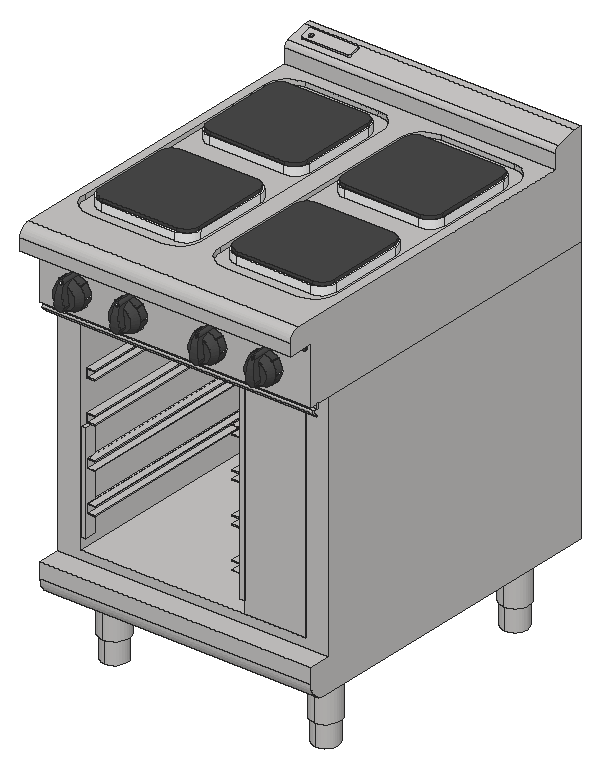
Revit family "QF_Moffat_RNL8400SE-CB_Electric_Cooktops_Sealed_Hobs_cat", category Specialty Equipment, Revit 2019
Family settings
  Round Connector Dimension = Use Diameter
  Part Type = Normal
  Work Plane-Based = No
  Always vertical = Yes
  Cut with Voids When Loaded = No
  Shared = No
  Room Calculation Point = No
Parameters (values of type "RNL8400SE-CB")
  Weight in Kilograms = 79
  Watts = 8800 W
  Volts = 400 V
  URL Cutsheet = ""
  Specification by User = ""
  Specification by Manufacturer = ""
  Serial Number = ""
  Seismic Rating = ""
  SMACNA No = ""
  Revision Code = ""
  Phase = 2
  Number of Poles = 1
  NAFEM Spec ID Number = ""
  Model = "RNL8400SE-CB"
  Min Ckt Ampacity = 0 A
  Max Overcurrent Protection = 0 A
  Masterspec = ""
  Manufacturer = "Moffat"
  Length = 600 mm
  Item Number = ""
  Installed By = ""
  Identify Quantity as Lot = yes
  Height = 970 mm
  HP = ""
  Furnished By = ""
  Foodservice Equipment Identifier = yes
  FL Amps = 22 A
  Electrical Remarks = ""
  Electric Connection Type = ""
  Elec Conn RI Height = 0 mm
  Elec Conn Connection Height = 0 mm
  Description = "Electric Cooktops Sealed Hobs"
  Depth = 805 mm
  Cycle = 50 Hz
  Conn Plug = ""
  Conn Conduit = yes
  CSI MasterFormat = ""
  Apparent Power = if(Phase = 3, Volts * FL Amps * 1.73, Volts * FL Amps)  # 8800 VA
Reference planes
  plane 1 "BACK": y = 0
  plane 2: z = 0
  plane 3 "LEFT": x = 0
  plane 4 "RIGHT": x = 600
  plane 5 "FRONT": y = -805
  plane 6 "TOP": z = 915
  plane 7 "Center Y": x = 300
  plane 8 "Center X": y = -402.5
  plane 9: x = 65.5
  plane 10: x = 87.5
  plane 11: x = 211.766
  plane 12: y = -30
  plane 13: x = 470
  plane 14: x = 512.5
  plane 15: x = 388.234
  plane 16: x = 534.5
  plane 17: y = -100
  plane 18: y = -625
  plane 19: z = 970
Forms (mm)
  Extrusion 1, solid, material "QF_Metal_Stainless_Polished"
    sketch origin (0, 0, 815) x (0, 1, 0) y (0, 0, 1)
      loop
        line (0, -75) -> (0, 155) -> (-15, 155) -> (-61.106, 142.646)
        arc (-61.106, 142.646) -> (-67.52, 138.36) -> (-70, 131.055) r 12
        line (-70, 131.055) -> (-70, 100) -> (-781, 100)
        arc (-781, 100) -> (-797.971, 92.971) -> (-805, 76) r 24
        line (-805, 76) -> (-805, 51) -> (-749, 51) -> (-749, -75) -> (0, -75)
    from 0 to 600
  Extrusion 2, void
    sketch origin (0, -781, 915) x (0, 1, 0) y (-1, 0, 0)
      loop
        arc (680.8, -69) -> (666.155, -33.645) -> (630.8, -19) r 50
        line (630.8, -19) -> (130.599, -19)
        arc (130.599, -19) -> (95.244, -33.645) -> (80.599, -69) r 50
        line (80.599, -69) -> (80.599, -231)
        arc (80.599, -231) -> (95.244, -266.355) -> (130.599, -281) r 50
        line (130.599, -281) -> (630.8, -281)
        arc (630.8, -281) -> (666.155, -266.355) -> (680.8, -231) r 50
        line (680.8, -231) -> (680.8, -69)
      loop
        line (680.8, -531) -> (680.8, -369)
        arc (680.8, -369) -> (666.155, -333.645) -> (630.8, -319) r 50
        line (630.8, -319) -> (130.599, -319)
        arc (130.599, -319) -> (95.244, -333.645) -> (80.599, -369) r 50
        line (80.599, -369) -> (80.599, -531)
        arc (80.599, -531) -> (95.244, -566.355) -> (130.599, -581) r 50
        line (130.599, -581) -> (630.8, -581)
        arc (630.8, -581) -> (666.155, -566.355) -> (680.8, -531) r 50
    from 0 to -9.5
  Extrusion 3, solid, material "QF_Plastic_White_Smooth"
    sketch origin (0, -781, 905.5) x (0, 1, 0) y (-1, 0, 0)
      loop
        arc (644.8, -68) -> (635.427, -45.373) -> (612.8, -36) r 32
        line (612.8, -36) -> (448.599, -36)
        arc (448.599, -36) -> (425.972, -45.373) -> (416.599, -68) r 32
        line (416.599, -68) -> (416.599, -232)
        arc (416.599, -232) -> (425.972, -254.627) -> (448.599, -264) r 32
        line (448.599, -264) -> (612.8, -264)
        arc (612.8, -264) -> (635.427, -254.627) -> (644.8, -232) r 32
        line (644.8, -232) -> (644.8, -68)
      loop
        arc (344.599, -68) -> (335.227, -45.373) -> (312.599, -36) r 32
        line (312.599, -36) -> (148.599, -36)
        arc (148.599, -36) -> (125.972, -45.373) -> (116.599, -68) r 32
        line (116.599, -68) -> (116.599, -232)
        arc (116.599, -232) -> (125.972, -254.627) -> (148.599, -264) r 32
        line (148.599, -264) -> (312.599, -264)
        arc (312.599, -264) -> (335.227, -254.627) -> (344.599, -232) r 32
        line (344.599, -232) -> (344.599, -68)
      loop
        arc (644.8, -368) -> (635.427, -345.373) -> (612.8, -336) r 32
        line (612.8, -336) -> (448.599, -336)
        arc (448.599, -336) -> (425.972, -345.373) -> (416.599, -368) r 32
        line (416.599, -368) -> (416.599, -532)
        arc (416.599, -532) -> (425.972, -554.627) -> (448.599, -564) r 32
        line (448.599, -564) -> (612.8, -564)
        arc (612.8, -564) -> (635.427, -554.627) -> (644.8, -532) r 32
        line (644.8, -532) -> (644.8, -368)
      loop
        arc (344.599, -368) -> (335.227, -345.373) -> (312.599, -336) r 32
        line (312.599, -336) -> (148.599, -336)
        arc (148.599, -336) -> (125.972, -345.373) -> (116.599, -368) r 32
        line (116.599, -368) -> (116.599, -532)
        arc (116.599, -532) -> (125.972, -554.627) -> (148.599, -564) r 32
        line (148.599, -564) -> (312.599, -564)
        arc (312.599, -564) -> (335.227, -554.627) -> (344.599, -532) r 32
        line (344.599, -532) -> (344.599, -368)
    from 0 to 17.8
  Extrusion 4, solid, material "QF_Plastic_Black_Smooth"
    sketch origin (0, -781, 923.3) x (0, 1, 0) y (-1, 0, 0)
      loop
        arc (640.8, -67) -> (632.892, -47.908) -> (613.8, -40) r 27
        line (613.8, -40) -> (447.599, -40)
        arc (447.599, -40) -> (428.508, -47.908) -> (420.599, -67) r 27
        line (420.599, -67) -> (420.599, -233)
        arc (420.599, -233) -> (428.508, -252.092) -> (447.599, -260) r 27
        line (447.599, -260) -> (613.8, -260)
        arc (613.8, -260) -> (632.892, -252.092) -> (640.8, -233) r 27
        line (640.8, -233) -> (640.8, -67)
      loop
        arc (340.599, -67) -> (332.691, -47.908) -> (313.599, -40) r 27
        line (313.599, -40) -> (147.599, -40)
        arc (147.599, -40) -> (128.508, -47.908) -> (120.599, -67) r 27
        line (120.599, -67) -> (120.599, -233)
        arc (120.599, -233) -> (128.508, -252.092) -> (147.599, -260) r 27
        line (147.599, -260) -> (313.599, -260)
        arc (313.599, -260) -> (332.691, -252.092) -> (340.599, -233) r 27
        line (340.599, -233) -> (340.599, -67)
      loop
        line (640.8, -533) -> (640.8, -367)
        arc (640.8, -367) -> (632.892, -347.908) -> (613.8, -340) r 27
        line (613.8, -340) -> (447.599, -340)
        arc (447.599, -340) -> (428.508, -347.908) -> (420.599, -367) r 27
        line (420.599, -367) -> (420.599, -533)
        arc (420.599, -533) -> (428.508, -552.092) -> (447.599, -560) r 27
        line (447.599, -560) -> (613.8, -560)
        arc (613.8, -560) -> (632.892, -552.092) -> (640.8, -533) r 27
      loop
        line (340.599, -533) -> (340.599, -367)
        arc (340.599, -367) -> (332.691, -347.908) -> (313.599, -340) r 27
        line (313.599, -340) -> (147.599, -340)
        arc (147.599, -340) -> (128.508, -347.908) -> (120.599, -367) r 27
        line (120.599, -367) -> (120.599, -533)
        arc (120.599, -533) -> (128.508, -552.092) -> (147.599, -560) r 27
        line (147.599, -560) -> (313.599, -560)
        arc (313.599, -560) -> (332.691, -552.092) -> (340.599, -533) r 27
    from 0 to 6.1
  Extrusion 5, solid, material "QF_Metal_Stainless_Polished"
    sketch origin (0, 0, 770) x (0, 1, 0) y (0, 0, 1)
      loop
        line (-730.6, -30) -> (-730.6, -40) -> (-740.105, -40)
        arc (-740.105, -40) -> (-743.076, -41.985) -> (-742.379, -45.489) r 3.215
        line (-742.379, -45.489) -> (-731.85, -56.018) -> (-730.719, -54.887) -> (-741.247, -44.358)
        arc (-741.247, -44.358) -> (-741.597, -42.597) -> (-740.105, -41.6) r 1.615
        line (-740.105, -41.6) -> (-729, -41.6) -> (-729, -30) -> (-730.6, -30)
    from 0 to 600
  Extrusion 6, solid, material "QF_Paint_Green"
    sketch origin (0, -749, 785) x (0, 0, 1) y (-1, 0, 0)
      loop
        circle (56.3, -432.5) r 7.15
      loop
        circle (56.3, -557.5) r 7.15
      loop
        circle (56.3, -131.766) r 7.15
      loop
        circle (56.3, -256.766) r 7.15
    from 0 to 1.6
  Extrusion 7, solid, material "QF_Plastic_Black_Smooth"
    sketch origin (0, -749, 785) x (0, 0, 1) y (-1, 0, 0)
      loop
        circle (68.843, -13.157) r 5
      loop
        circle (68.843, -586.843) r 5
    from 0 to 1.6
  Extrusion 8, solid, material "QF_Metal_Stainless_Polished"
    sketch origin (-6096, 287.266, 150) x (0, 1, 0) y (-1, 0, 0)
      loop
        circle (-317.266, -6566) r 6.35
    from 0 to -1.6
  Extrusion 9, solid, material "QF_Metal_Stainless_Polished"
    sketch origin (-6096, 187.719, 150) x (0, 1, 0) y (-1, 0, 0)
      loop
        line (-187.719, -6096) -> (-886.719, -6096) -> (-886.719, -6146) -> (-235.719, -6146) -> (-235.719, -6646) -> (-886.719, -6646) -> (-886.719, -6696) -> (-187.719, -6696) -> (-187.719, -6096)
    from 0 to 590
  Extrusion 10, solid, material "QF_Metal_Stainless_Polished"
    sketch origin (0, 0, 0) x (0, 1, 0) y (0, 0, 1)
      loop
        line (-48, 150) -> (-48, 242.5) -> (-699, 242.5) -> (-699, 222.5) -> (-749, 222.5) -> (-749, 188)
        arc (-749, 188) -> (-737.87, 161.13) -> (-711, 150) r 38
        line (-711, 150) -> (-48, 150)
    from 0 to 600
  Extrusion 11, solid, material "QF_Metal_Stainless_Polished"
    sketch origin (550, -48, 150) x (0, -1, 0) y (0, 0, 1)
      loop
        line (651, 92.5) -> (651, 590) -> (625.6, 590) -> (625.6, 92.5) -> (651, 92.5)
      loop
        line (0, 590) -> (0, 92.5) -> (25.4, 92.5) -> (25.4, 590) -> (0, 590)
    from 0 to 135.5
  Extrusion 12, solid, material "QF_Metal_Stainless_Polished"
    sketch origin (414.5, -48, 150) x (0, -1, 0) y (0, 0, 1)
      loop
        line (651, 562.5) -> (625.6, 562.5) -> (625.6, 117.5) -> (651, 117.5) -> (651, 562.5)
      loop
        line (25.4, 117.5) -> (25.4, 562.5) -> (0, 562.5) -> (0, 117.5) -> (25.4, 117.5)
    from 0 to 11.3
  Extrusion 13, solid, material "QF_Metal_Stainless_Polished"
    sketch origin (50, 0, 150) x (0, -1, 0) y (0, 0, -1)
      loop
        line (699, -337.5) -> (699, -117.5) -> (673.6, -117.5) -> (673.6, -337.5) -> (699, -337.5)
      loop
        line (75.4, -117.5) -> (48, -117.5) -> (48, -337.5) -> (75.4, -337.5) -> (75.4, -117.5)
    from 0 to 11.3
  Extrusion 14, solid, material "QF_Metal_Stainless_Polished"
    sketch origin (50, -48, 267.5) x (0, 0, 1) y (1, 0, 0)
      loop
        line (320, 334.2) -> (321.6, 334.2) -> (321.6, 351.6) -> (338.4, 351.6) -> (338.4, 334.2) -> (340, 334.2) -> (340, 353.2) -> (320, 353.2) -> (320, 334.2)
      loop
        line (230, 334.2) -> (231.6, 334.2) -> (231.6, 351.6) -> (248.4, 351.6) -> (248.4, 334.2) -> (250, 334.2) -> (250, 353.2) -> (230, 353.2) -> (230, 334.2)
      loop
        line (140, 334.2) -> (141.6, 334.2) -> (141.6, 351.6) -> (158.4, 351.6) -> (158.4, 334.2) -> (160, 334.2) -> (160, 353.2) -> (140, 353.2) -> (140, 334.2)
      loop
        line (50, 334.2) -> (51.6, 334.2) -> (51.6, 351.6) -> (68.4, 351.6) -> (68.4, 334.2) -> (70, 334.2) -> (70, 353.2) -> (50, 353.2) -> (50, 334.2)
    from 0 to -649
  Extrusion 15, solid, material "QF_Metal_Stainless_Polished"
    sketch origin (50, -48, 267.5) x (0, 0, 1) y (1, 0, 0)
      loop
        line (320, 30.3) -> (320, 11.3) -> (340, 11.3) -> (340, 30.3) -> (338.4, 30.3) -> (338.4, 12.9) -> (321.6, 12.9) -> (321.6, 30.3) -> (320, 30.3)
      loop
        line (230, 30.3) -> (230, 11.3) -> (250, 11.3) -> (250, 30.3) -> (248.4, 30.3) -> (248.4, 12.9) -> (231.6, 12.9) -> (231.6, 30.3) -> (230, 30.3)
      loop
        line (140, 30.3) -> (140, 11.3) -> (160, 11.3) -> (160, 30.3) -> (158.4, 30.3) -> (158.4, 12.9) -> (141.6, 12.9) -> (141.6, 30.3) -> (140, 30.3)
      loop
        line (50, 30.3) -> (50, 11.3) -> (70, 11.3) -> (70, 30.3) -> (68.4, 30.3) -> (68.4, 12.9) -> (51.6, 12.9) -> (51.6, 30.3) -> (50, 30.3)
    from 0 to -649
  Revolve 16, solid, material "QF_Metal_Stainless_Polished"
    sketch origin (65.5, -4572, -304.8) x (0, 0, -1) y (0, -1, 0)
      loop
        line (-304.8, -3947) -> (-454.8, -3947) -> (-454.8, -3978.75) -> (-354.8, -3978.75) -> (-354.8, -3974.5) -> (-304.8, -3974.5) -> (-304.8, -3947)
      axis (-454.8, -3947) -> (-304.8, -3947)
    angle from 0 to 360
  Revolve 17, solid, material "QF_Metal_Stainless_Polished"
    sketch origin (534.5, -4572, -304.8) x (0, 0, -1) y (0, 1, 0)
      loop
        line (-304.8, 3947) -> (-304.8, 3974.5) -> (-354.8, 3974.5) -> (-354.8, 3978.75) -> (-454.8, 3978.75) -> (-454.8, 3947) -> (-304.8, 3947)
      axis (-454.8, 3947) -> (-304.8, 3947)
    angle from 0 to 360
  Revolve 18, solid, material "QF_Metal_Stainless_Polished"
    sketch origin (65.5, 3847, -304.8) x (0, 0, -1) y (0, -1, 0)
      loop
        line (-304.8, 3947) -> (-304.8, 3974.5) -> (-354.8, 3974.5) -> (-354.8, 3978.75) -> (-454.8, 3978.75) -> (-454.8, 3947) -> (-304.8, 3947)
      axis (-454.8, 3947) -> (-304.8, 3947)
    angle from 0 to 360
  Revolve 19, solid, material "QF_Metal_Stainless_Polished"
    sketch origin (534.5, 3847, -304.8) x (0, 0, -1) y (0, 1, 0)
      loop
        line (-304.8, -3947) -> (-454.8, -3947) -> (-454.8, -3978.75) -> (-354.8, -3978.75) -> (-354.8, -3974.5) -> (-304.8, -3974.5) -> (-304.8, -3947)
      axis (-454.8, -3947) -> (-304.8, -3947)
    angle from 0 to 360
Cuts and joins
  Extrusion 2 cuts Extrusion 1
  joined: Extrusion 9, Extrusion 10
Lines and regions (mm)
  symbolic lines
    curve 1: line (0, 0, 0) -> (600, 0, 0)
    curve 2: line (0, -805, 0) -> (0, 0, 0)
    curve 3: line (600, -805, 0) -> (0, -805, 0)
    curve 4: line (600, 0, 0) -> (600, -805, 0)
    curve 5: arc (69, -700.401, 0) -> (33.645, -685.756, 0) -> (19, -650.401, 0) r 50
    curve 6: line (19, -650.401, 0) -> (19, -150.2, 0)
    curve 7: arc (19, -150.2, 0) -> (33.645, -114.845, 0) -> (69, -100.2, 0) r 50
    curve 8: line (69, -100.2, 0) -> (231, -100.2, 0)
    curve 9: arc (231, -100.2, 0) -> (266.355, -114.845, 0) -> (281, -150.2, 0) r 50
    curve 10: line (281, -150.2, 0) -> (281, -650.401, 0)
    curve 11: arc (281, -650.401, 0) -> (266.355, -685.756, 0) -> (231, -700.401, 0) r 50
    curve 12: line (231, -700.401, 0) -> (69, -700.401, 0)
    curve 13: arc (369, -700.401, 0) -> (333.645, -685.756, 0) -> (319, -650.401, 0) r 50
    curve 14: line (319, -650.401, 0) -> (319, -150.2, 0)
    curve 15: arc (319, -150.2, 0) -> (333.645, -114.845, 0) -> (369, -100.2, 0) r 50
    curve 16: line (369, -100.2, 0) -> (531, -100.2, 0)
    curve 17: arc (531, -100.2, 0) -> (566.355, -114.845, 0) -> (581, -150.2, 0) r 50
    curve 18: line (581, -150.2, 0) -> (581, -650.401, 0)
    curve 19: arc (581, -650.401, 0) -> (566.355, -685.756, 0) -> (531, -700.401, 0) r 50
    curve 20: line (531, -700.401, 0) -> (369, -700.401, 0)
    curve 21: arc (232, -664.401, 0) -> (254.627, -655.028, 0) -> (264, -632.401, 0) r 32
    curve 22: line (264, -632.401, 0) -> (264, -468.401, 0)
    curve 23: arc (264, -468.401, 0) -> (254.627, -445.773, 0) -> (232, -436.401, 0) r 32
    curve 24: line (232, -436.401, 0) -> (68, -436.401, 0)
    curve 25: arc (68, -436.401, 0) -> (45.373, -445.773, 0) -> (36, -468.401, 0) r 32
    curve 26: line (36, -468.401, 0) -> (36, -632.401, 0)
    curve 27: arc (36, -632.401, 0) -> (45.373, -655.028, 0) -> (68, -664.401, 0) r 32
    curve 28: line (68, -664.401, 0) -> (232, -664.401, 0)
    curve 29: arc (233, -660.401, 0) -> (252.092, -652.492, 0) -> (260, -633.401, 0) r 27
    curve 30: line (260, -633.401, 0) -> (260, -467.401, 0)
    curve 31: arc (260, -467.401, 0) -> (252.092, -448.309, 0) -> (233, -440.401, 0) r 27
    curve 32: line (233, -440.401, 0) -> (67, -440.401, 0)
    curve 33: arc (67, -440.401, 0) -> (47.908, -448.309, 0) -> (40, -467.401, 0) r 27
    curve 34: line (40, -467.401, 0) -> (40, -633.401, 0)
    curve 35: arc (40, -633.401, 0) -> (47.908, -652.492, 0) -> (67, -660.401, 0) r 27
    curve 36: line (67, -660.401, 0) -> (233, -660.401, 0)
    curve 37: arc (336, -632.401, 0) -> (345.373, -655.028, 0) -> (368, -664.401, 0) r 32
    curve 38: line (368, -664.401, 0) -> (532, -664.401, 0)
    curve 39: arc (532, -664.401, 0) -> (554.627, -655.028, 0) -> (564, -632.401, 0) r 32
    curve 40: line (564, -632.401, 0) -> (564, -468.401, 0)
    curve 41: arc (564, -468.401, 0) -> (554.627, -445.773, 0) -> (532, -436.401, 0) r 32
    curve 42: line (532, -436.401, 0) -> (368, -436.401, 0)
    curve 43: arc (368, -436.401, 0) -> (345.373, -445.773, 0) -> (336, -468.401, 0) r 32
    curve 44: line (336, -468.401, 0) -> (336, -632.401, 0)
    curve 45: arc (340, -633.401, 0) -> (347.908, -652.492, 0) -> (367, -660.401, 0) r 27
    curve 46: line (367, -660.401, 0) -> (533, -660.401, 0)
    curve 47: arc (533, -660.401, 0) -> (552.092, -652.492, 0) -> (560, -633.401, 0) r 27
    curve 48: line (560, -633.401, 0) -> (560, -467.401, 0)
    curve 49: arc (560, -467.401, 0) -> (552.092, -448.309, 0) -> (533, -440.401, 0) r 27
    curve 50: line (533, -440.401, 0) -> (367, -440.401, 0)
    curve 51: arc (367, -440.401, 0) -> (347.908, -448.309, 0) -> (340, -467.401, 0) r 27
    curve 52: line (340, -467.401, 0) -> (340, -633.401, 0)
    curve 53: arc (340, -333.401, 0) -> (347.908, -352.492, 0) -> (367, -360.401, 0) r 27
    curve 54: line (367, -360.401, 0) -> (533, -360.401, 0)
    curve 55: arc (533, -360.401, 0) -> (552.092, -352.492, 0) -> (560, -333.401, 0) r 27
    curve 56: line (560, -333.401, 0) -> (560, -167.2, 0)
    curve 57: arc (560, -167.2, 0) -> (552.092, -148.108, 0) -> (533, -140.2, 0) r 27
    curve 58: line (533, -140.2, 0) -> (367, -140.2, 0)
    curve 59: arc (367, -140.2, 0) -> (347.908, -148.108, 0) -> (340, -167.2, 0) r 27
    curve 60: line (340, -167.2, 0) -> (340, -333.401, 0)
    curve 61: arc (336, -332.401, 0) -> (345.373, -355.028, 0) -> (368, -364.401, 0) r 32
    curve 62: line (368, -364.401, 0) -> (532, -364.401, 0)
    curve 63: arc (532, -364.401, 0) -> (554.627, -355.028, 0) -> (564, -332.401, 0) r 32
    curve 64: line (564, -332.401, 0) -> (564, -168.2, 0)
    curve 65: arc (564, -168.2, 0) -> (554.627, -145.573, 0) -> (532, -136.2, 0) r 32
    curve 66: line (532, -136.2, 0) -> (368, -136.2, 0)
    curve 67: arc (368, -136.2, 0) -> (345.373, -145.573, 0) -> (336, -168.2, 0) r 32
    curve 68: line (336, -168.2, 0) -> (336, -332.401, 0)
    curve 69: arc (232, -364.401, 0) -> (254.627, -355.028, 0) -> (264, -332.401, 0) r 32
    curve 70: line (264, -332.401, 0) -> (264, -168.2, 0)
    curve 71: arc (264, -168.2, 0) -> (254.627, -145.573, 0) -> (232, -136.2, 0) r 32
    curve 72: line (232, -136.2, 0) -> (68, -136.2, 0)
    curve 73: arc (68, -136.2, 0) -> (45.373, -145.573, 0) -> (36, -168.2, 0) r 32
    curve 74: line (36, -168.2, 0) -> (36, -332.401, 0)
    curve 75: arc (36, -332.401, 0) -> (45.373, -355.028, 0) -> (68, -364.401, 0) r 32
    curve 76: line (68, -364.401, 0) -> (232, -364.401, 0)
    curve 77: arc (233, -360.401, 0) -> (252.092, -352.492, 0) -> (260, -333.401, 0) r 27
    curve 78: line (260, -333.401, 0) -> (260, -167.2, 0)
    curve 79: arc (260, -167.2, 0) -> (252.092, -148.108, 0) -> (233, -140.2, 0) r 27
    curve 80: line (233, -140.2, 0) -> (67, -140.2, 0)
    curve 81: arc (67, -140.2, 0) -> (47.908, -148.108, 0) -> (40, -167.2, 0) r 27
    curve 82: line (40, -167.2, 0) -> (40, -333.401, 0)
    curve 83: arc (40, -333.401, 0) -> (47.908, -352.492, 0) -> (67, -360.401, 0) r 27
    curve 84: line (67, -360.401, 0) -> (233, -360.401, 0)
    curve 85: line (0, -15, 0) -> (600, -15, 0)
    curve 86: line (0, -70, 0) -> (600, -70, 0)
Dimensions and locks
  equal spacing: plane 3 "LEFT", plane 7 "Center Y", plane 4 "RIGHT"
  "Length": plane 3 "LEFT" to plane 4 "RIGHT"
  equal spacing: plane 5 "FRONT", plane 8 "Center X", plane 1 "BACK"
  "Depth": plane 5 "FRONT" to plane 1 "BACK"
  plane 4 "RIGHT" to plane 3 "LEFT" = 600 mm
  plane 1 "BACK" to plane 5 "FRONT" = 805 mm
  plane 6 "TOP" to plane 2 = 915 mm
  cut or joined group of Extrusion 1, Extrusion 2 to plane 2 = 915 mm
  plane 13 to plane 4 "RIGHT" = 130 mm
  plane 9 to plane 16 = 469 mm
  plane 1 "BACK" to plane 17 = 100 mm
  plane 17 to plane 18 = 525 mm
  plane 1 "BACK" to plane 12 = 30 mm
  plane 5 "FRONT" to plane 1 "BACK" = 805 mm
  plane 18 to plane 17 = 525 mm
  level to cut or joined group of Extrusion 9, Extrusion 10 = 150 mm
  "Height": plane 19 to level
  aligned and locked: level to plane 2
Automatic sketch dimensions
  Extrusion 2 sketch curve to Extrusion 1 = 80.599 mm  (x2)
  Extrusion 1 to Extrusion 2 sketch curve = 19 mm
  Extrusion 2 sketch curve to Extrusion 2 sketch curve = 50 mm  (x6)
  Extrusion 2 sketch curve to Extrusion 2 sketch curve = 0 mm
  Extrusion 2 sketch curve to Extrusion 2 sketch curve = 162 mm
  Extrusion 2 sketch curve to Extrusion 2 sketch curve = 38 mm
  Extrusion 1 to Extrusion 2 sketch curve = 69 mm
  Extrusion 3 sketch curve to Extrusion 2 = 36 mm  (x2)
  Extrusion 3 sketch curve to Extrusion 3 sketch curve = 32 mm  (x13)
  Extrusion 3 sketch curve to Extrusion 2 = 17 mm  (x6)
  Extrusion 3 sketch curve to Extrusion 2 = 49 mm  (x3)
  Extrusion 3 sketch curve to Extrusion 3 sketch curve = 164 mm  (x2)
  Extrusion 3 sketch curve to Extrusion 3 sketch curve = 72 mm  (x2)
  Extrusion 3 sketch curve to Extrusion 2 = 68 mm  (x4)
  Extrusion 4 sketch curve to Extrusion 3 = 4 mm  (x15)
  Extrusion 4 sketch curve to Extrusion 4 sketch curve = 27 mm  (x6)
  Extrusion 4 sketch curve to Extrusion 3 = 31 mm  (x11)
  Extrusion 5 sketch curve to Extrusion 5 sketch curve = 0 mm  (x3)
  Extrusion 5 sketch curve to plane 5 "FRONT" = 62.621 mm
  Extrusion 5 sketch curve to Extrusion 5 sketch curve = 1.131 mm  (x3)
  Extrusion 5 sketch curve to Extrusion 5 sketch curve = 1.142 mm  (x2)
  Extrusion 5 sketch curve to Extrusion 5 sketch curve = 10.529 mm
  Extrusion 5 sketch curve to Extrusion 5 sketch curve = 9.505 mm
  Extrusion 5 sketch curve to Extrusion 5 sketch curve = 1.6 mm
  Extrusion 5 sketch curve to Extrusion 5 sketch curve = 10 mm
  Extrusion 1 to Extrusion 6 sketch curve = 24.7 mm  (x4)
  Extrusion 1 to Extrusion 6 sketch curve = 42.5 mm
  Extrusion 6 sketch curve to Extrusion 6 sketch curve = 125 mm  (x2)
  Extrusion 6 sketch curve to Extrusion 6 sketch curve = 175.734 mm
  Extrusion 1 to Extrusion 7 sketch curve = 12.157 mm  (x2)
  Extrusion 1 to Extrusion 7 sketch curve = 13.157 mm  (x2)
  plane 12 to Extrusion 8 sketch curve = 0 mm
  Extrusion 8 sketch curve to plane 13 = 0 mm
  Extrusion 9 sketch curve to plane 3 "LEFT" = 0 mm
  Extrusion 9 sketch curve to plane 4 "RIGHT" = 0 mm
  plane 1 "BACK" to Extrusion 9 sketch curve = 0 mm
  plane 12 to Extrusion 9 sketch curve = 18 mm
  plane 18 to Extrusion 9 sketch curve = 74 mm  (x2)
  plane 16 to Extrusion 9 sketch curve = 15.5 mm
  plane 9 to Extrusion 9 sketch curve = 15.5 mm
  Extrusion 10 sketch curve to plane 5 "FRONT" = 56 mm
  Extrusion 10 sketch curve to Extrusion 10 sketch curve = 38 mm
  Extrusion 10 sketch curve to Extrusion 10 sketch curve = 50 mm
  plane 12 to Extrusion 10 sketch curve = 18 mm
  Extrusion 10 sketch curve to Extrusion 10 sketch curve = 34.5 mm
  Extrusion 11 sketch curve to Extrusion 9 = 0 mm  (x2)
  Extrusion 9 to Extrusion 11 sketch curve = 0 mm  (x2)
  Extrusion 9 to Extrusion 11 sketch curve = 25.4 mm
  Extrusion 11 sketch curve to Extrusion 11 sketch curve = 25.4 mm
  Extrusion 9 to Extrusion 11 sketch curve = 92.5 mm  (x2)
  Extrusion 12 sketch curve to Extrusion 11 = 0 mm  (x4)
  Extrusion 12 sketch curve to Extrusion 11 = 25 mm  (x2)
  Extrusion 12 sketch curve to Extrusion 11 = 27.5 mm  (x2)
  plane 12 to Extrusion 13 sketch curve = 18 mm
  Extrusion 13 sketch curve to plane 17 = 24.6 mm
  plane 18 to Extrusion 13 sketch curve = 48.6 mm
  Extrusion 13 sketch curve to Extrusion 13 sketch curve = 25.4 mm
  Extrusion 14 sketch curve to Extrusion 13 = 50 mm
  Extrusion 14 sketch curve to Extrusion 14 sketch curve = 1.6 mm  (x12)
  Extrusion 14 sketch curve to Extrusion 14 sketch curve = 16.8 mm  (x4)
  Extrusion 14 sketch curve to Extrusion 14 sketch curve = 70 mm  (x3)
  Extrusion 14 sketch curve to Extrusion 13 = 322.9 mm
  Extrusion 14 sketch curve to Extrusion 14 sketch curve = 0 mm  (x7)
  Extrusion 14 sketch curve to Extrusion 14 sketch curve = 17.4 mm  (x4)
  Extrusion 13 to Extrusion 15 sketch curve = 0 mm  (x4)
  Extrusion 15 sketch curve to Extrusion 13 = 19 mm  (x4)
  Extrusion 15 sketch curve to Extrusion 13 = 50 mm
  Extrusion 15 sketch curve to Extrusion 15 sketch curve = 1.6 mm  (x8)
  Extrusion 15 sketch curve to Extrusion 13 = 1.6 mm  (x4)
  Extrusion 15 sketch curve to Extrusion 15 sketch curve = 16.8 mm  (x4)
  Extrusion 15 sketch curve to Extrusion 15 sketch curve = 70 mm  (x3)
  Extrusion 15 sketch curve to Extrusion 15 sketch curve = 17.4 mm  (x3)
  Extrusion 15 sketch curve to Extrusion 15 sketch curve = 0 mm
  Revolve 16 sketch curve to level = 0 mm  (x2)
  Revolve 16 sketch curve to plane 18 = 0 mm  (x2)
  Revolve 16 sketch curve to Revolve 16 sketch curve = 50 mm
  Revolve 16 sketch curve to plane 18 = 27.5 mm
  Revolve 16 sketch curve to plane 18 = 31.75 mm
  Revolve 16 sketch curve to Revolve 16 sketch curve = 35 mm
  Revolve 17 sketch curve to level = 0 mm  (x2)
  Revolve 17 sketch curve to plane 18 = 0 mm  (x2)
  Revolve 17 sketch curve to Revolve 17 sketch curve = 50 mm
  Revolve 17 sketch curve to Revolve 17 sketch curve = 27.5 mm
  Revolve 17 sketch curve to Revolve 17 sketch curve = 31.75 mm
  Revolve 17 sketch curve to Revolve 17 sketch curve = 35 mm
  Revolve 18 sketch curve to level = 0 mm  (x2)
  Revolve 18 sketch curve to Revolve 18 sketch curve = 50 mm
  plane 17 to Revolve 18 sketch curve = 0 mm
  Revolve 18 sketch curve to Revolve 18 sketch curve = 27.5 mm
  Revolve 18 sketch curve to Revolve 18 sketch curve = 31.75 mm
  Revolve 18 sketch curve to level = 35 mm
  Revolve 18 sketch curve to Revolve 18 sketch curve = 0 mm
  Revolve 19 sketch curve to level = 0 mm  (x2)
  Revolve 19 sketch curve to Revolve 19 sketch curve = 50 mm
  plane 17 to Revolve 19 sketch curve = 31.75 mm
  Revolve 19 sketch curve to Revolve 19 sketch curve = 4.25 mm
  Revolve 19 sketch curve to Revolve 19 sketch curve = 27.5 mm
  Revolve 19 sketch curve to level = 35 mm
  Revolve 19 sketch curve to Revolve 19 sketch curve = 0 mm
  Extrusion 5 sketch curve to plane 6 "TOP" = 201.018 mm
  Extrusion 13 sketch curve to plane 6 "TOP" = 427.5 mm  (x2)
  level to Extrusion 10 sketch curve = 150 mm
  Extrusion 10 sketch curve to Extrusion 10 sketch curve = 92.5 mm
  level to Extrusion 13 sketch curve = 267.5 mm  (x2)
  Revolve 16 sketch curve to Revolve 16 sketch curve = 100 mm
  Revolve 17 sketch curve to Revolve 17 sketch curve = 100 mm
  Revolve 18 sketch curve to Revolve 18 sketch curve = 100 mm
  Revolve 19 sketch curve to Revolve 19 sketch curve = 100 mm
  plane 1 "BACK" to curve 1 = 0 mm
  curve 1 to plane 3 "LEFT" = 0 mm
  plane 5 "FRONT" to curve 3 = 0 mm
  plane 3 "LEFT" to curve 6 = 19 mm
  plane 9 to curve 26 = 29.5 mm
  plane 9 to curve 74 = 29.5 mm
  curve 25 to curve 34 = 4 mm
  curve 75 to curve 82 = 4 mm
  curve 83 to plane 9 = 1.5 mm
  curve 32 to plane 9 = 1.5 mm
  curve 36 to plane 9 = 1.5 mm
  curve 81 to plane 9 = 1.5 mm
  curve 72 to plane 9 = 2.5 mm
  curve 28 to plane 9 = 2.5 mm
  curve 76 to plane 9 = 2.5 mm
  curve 33 to curve 25 = 1 mm
  plane 17 to curve 8 = 0.2 mm
  curve 8 to plane 9 = 3.5 mm
  curve 5 to plane 9 = 3.5 mm
  plane 11 to curve 9 = 19.234 mm
  plane 11 to curve 12 = 19.234 mm
  plane 11 to curve 76 = 20.234 mm
  plane 11 to curve 24 = 20.234 mm
  curve 11 to curve 28 = 1 mm
  curve 9 to curve 72 = 1 mm
  curve 21 to curve 29 = 1 mm
  curve 69 to curve 77 = 1 mm
  curve 71 to curve 79 = 1 mm  (x2)
  curve 23 to curve 32 = 1 mm
  curve 31 to curve 30 = 27 mm
  curve 77 to curve 78 = 27 mm
  curve 30 to curve 22 = 4 mm
  curve 77 to curve 70 = 4 mm
  curve 10 to plane 7 "Center Y" = 19 mm
  plane 7 "Center Y" to curve 14 = 19 mm
  plane 7 "Center Y" to curve 68 = 36 mm
  plane 7 "Center Y" to curve 44 = 36 mm
  curve 44 to curve 52 = 4 mm
  curve 67 to curve 60 = 4 mm
  plane 15 to curve 59 = 21.234 mm
  plane 15 to curve 54 = 21.234 mm
  plane 15 to curve 46 = 21.234 mm
  plane 15 to curve 51 = 21.234 mm
  curve 50 to curve 42 = 1 mm
  curve 58 to curve 66 = 1 mm
  curve 53 to curve 61 = 1 mm
  curve 45 to curve 37 = 1 mm
  curve 58 to curve 15 = 2 mm
  curve 45 to curve 13 = 2 mm
  curve 19 to plane 16 = 3.5 mm
  curve 17 to plane 16 = 3.5 mm
  curve 63 to plane 16 = 2.5 mm
  curve 39 to plane 16 = 2.5 mm
  curve 41 to plane 16 = 2.5 mm
  curve 66 to plane 16 = 2.5 mm
  curve 54 to plane 16 = 1.5 mm
  curve 50 to plane 16 = 1.5 mm
  curve 58 to plane 16 = 1.5 mm
  curve 39 to curve 47 = 1 mm
  plane 16 to curve 56 = 25.5 mm
  plane 18 to curve 48 = 8.401 mm
  plane 16 to curve 48 = 25.5 mm
  curve 47 to curve 40 = 4 mm
  curve 56 to curve 64 = 4 mm
  plane 4 "RIGHT" to curve 18 = 19 mm
  plane 18 to curve 12 = 75.401 mm
  curve 20 to curve 46 = 40 mm
  curve 38 to curve 47 = 4 mm
  curve 28 to curve 11 = 14 mm
  curve 27 to curve 36 = 4 mm
  curve 26 to plane 8 "Center X" = 65.901 mm
  curve 41 to plane 8 "Center X" = 65.901 mm
  curve 43 to curve 52 = 1 mm
  curve 25 to curve 33 = 1 mm
  plane 8 "Center X" to curve 76 = 38.099 mm
  plane 8 "Center X" to curve 62 = 38.099 mm
  curve 62 to curve 54 = 4 mm
  curve 76 to curve 84 = 4 mm
  curve 68 to curve 9 = 18 mm
  curve 71 to curve 9 = 18 mm
  curve 64 to curve 56 = 1 mm
  curve 17 to curve 57 = 10 mm
  Extrusion 1 sketch curve to plane 5 "FRONT" = 0 mm
  Extrusion 1 sketch curve to Extrusion 1 sketch curve = 24 mm
  Extrusion 1 sketch curve to Extrusion 1 sketch curve = 32 mm
  Extrusion 1 sketch curve to Extrusion 1 sketch curve = 25 mm
  Extrusion 1 sketch curve to Extrusion 1 sketch curve = 175 mm
  curve 3 to plane 4 "RIGHT" = 0 mm
  Extrusion 1 sketch curve to plane 17 = 30 mm
  plane 6 "TOP" to Extrusion 1 sketch curve = 31.055 mm
  Extrusion 1 sketch curve to Extrusion 1 sketch curve = 12 mm
  Extrusion 1 sketch curve to Extrusion 1 sketch curve = 3.106 mm
  plane 1 "BACK" to Extrusion 1 sketch curve = 15 mm
  Extrusion 1 sketch curve to Extrusion 1 sketch curve = 12.354 mm
  Extrusion 1 sketch curve to plane 1 "BACK" = 0 mm
  Extrusion 1 sketch curve to plane 6 "TOP" = 0 mm
  Extrusion 2 sketch curve to Extrusion 1 = 80.2 mm  (x3)
  curve 85 to curve 1 = 15 mm
  curve 86 to plane 17 = 30 mm
  radius of Extrusion 6 sketch curve = 7.15 mm  (x4)
  radius of Extrusion 7 sketch curve = 5 mm  (x2)
  radius of Extrusion 8 sketch curve = 6.35 mm
Nested families
  nested 1: "Knob" at (55.003, -749, 764.5), type "Knob"
  nested 2: "Knob" at (179.269, -749, 764.5), type "Knob"
  nested 3: "Knob" at (355.738, -749, 764.5), type "Knob"
  nested 4: "Knob" at (480.003, -749, 764.5), type "Knob"
  nested 5: "QF_LOGO_Waldorf" at (17, -21.358, 941.586), type "QF_LOGO_Waldorf"
Connectors
  electrical at (470, -30, 148.4), driven by "Volts", driven by "Watts"
    settings: on Extrusion 8, index 1, voltage 400 V, apparent load 8800 VA, apparent load phase1 0 VA, apparent load phase2 0 VA, apparent load phase3 0 VA, power factor 1, load classification "Other", number of poles 1, system type 30, power factor state 1, is connector primary yes, connector utility no, sub classification motor no, connector description "Electrical Connection"
Definition of nested family "Knob"
  Parameters (values of type "Knob")
    Weight in Pounds = 0
    URL Cutsheet = ""
    Specification by User = ""
    Specification by Manufacturer = ""
    Serial Number = ""
    Seismic Rating = ""
    SMACNA No = ""
    Revision Code = ""
    NAFEM Spec ID Number = ""
    Masterspec = ""
    Length = 65 mm
    Item Number = ""
    Installed By = ""
    Identify Quantity as Lot = yes
    Height = 69.5 mm
    Furnished By = ""
    Foodservice Equipment Identifier = yes
    Depth = 59 mm
    CSI MasterFormat = ""
  Reference planes
    plane 1 "BACK": y = 0
    plane 2: z = 0
    plane 3 "LEFT": x = 0
    plane 4 "RIGHT": x = 65
    plane 5 "FRONT": y = -59
    plane 6 "TOP": z = 69.5
    plane 7 "Center Y": x = 32.5
    plane 8 "Center X": y = -29.5
  Forms (mm)
    Revolve 1, solid
      sketch origin (32.5, 175.397, 1219.2) x (0, 1, 0) y (0, 0, 1)
        loop
          line (-175.397, -1186.7) -> (-219.397, -1186.7) -> (-219.397, -1211.501) -> (-202.106, -1219.2) -> (-185.397, -1219.2) -> (-185.397, -1191.7) -> (-175.397, -1191.7) -> (-175.397, -1186.7)
        axis (-219.397, -1186.7) -> (-175.397, -1186.7)
      angle from 0 to 360
    Extrusion 2, solid
      sketch origin (32.5, 175.397, 1219.2) x (0, 1, 0) y (0, 0, 1)
        loop
          line (-202.106, -1154.2) -> (-185.397, -1154.2) -> (-185.397, -1149.7) -> (-224.105, -1149.7)
          arc (-224.105, -1149.7) -> (-233.965, -1178.467) -> (-230.696, -1208.7) r 70
          line (-230.696, -1208.7) -> (-219.397, -1208.7) -> (-219.397, -1161.899) -> (-202.106, -1154.2)
      from -15 to 15
    Extrusion 3, void
      sketch origin (0, 0, 0) x (1, 0, 0) y (0, 0, 1)
        loop
          line (27.501, 64.613) -> (22.02, 20.585)
          arc (22.02, 20.585) -> (32.792, 10.488) -> (42.986, 21.169) r 10.487
          line (42.986, 21.169) -> (37.499, 64.613)
          arc (37.499, 64.613) -> (32.5, 69.5) -> (27.501, 64.613) r 5
        loop
          line (10, 72.977) -> (10, 5.625) -> (55, 5.625) -> (55, 72.977) -> (10, 72.977)
      from 6.142 to 69.687
    Extrusion 4, solid
      sketch origin (0, -34.115, -16.916) x (1, 0, 0) y (0, 0.45399, 0.891007)
        loop
          circle (32.497, 65) r 2
      from 51.525 to 53.075
    Extrusion 5, solid
      sketch origin (32.5, -10, 32.5) x (0, 0, -1) y (-1, 0, 0)
        loop
          line (-23.54, -22.408) -> (-24.106, -22.974)
          arc (-24.106, -22.974) -> (-23.547, -23.547) -> (-22.974, -24.106) r 33.3
          line (-22.974, -24.106) -> (-22.408, -23.54)
          arc (-22.408, -23.54) -> (-22.981, -22.981) -> (-23.54, -22.408) r 32.5
        loop
          arc (-0.8, -33.29) -> (0, -33.3) -> (0.8, -33.29) r 33.3
          line (0.8, -33.29) -> (0.8, -32.49)
          arc (0.8, -32.49) -> (0, -32.5) -> (-0.8, -32.49) r 32.5
          line (-0.8, -32.49) -> (-0.8, -33.29)
        loop
          arc (23.54, -22.408) -> (22.981, -22.981) -> (22.408, -23.54) r 32.5
          line (22.408, -23.54) -> (22.974, -24.106)
          arc (22.974, -24.106) -> (23.547, -23.547) -> (24.106, -22.974) r 33.3
          line (24.106, -22.974) -> (23.54, -22.408)
        loop
          arc (-23.54, 22.408) -> (-22.981, 22.981) -> (-22.408, 23.54) r 32.5
          line (-22.408, 23.54) -> (-22.974, 24.106)
          arc (-22.974, 24.106) -> (-23.547, 23.547) -> (-24.106, 22.974) r 33.3
          line (-24.106, 22.974) -> (-23.54, 22.408)
        loop
          line (-0.8, 33.29) -> (-0.8, 32.49)
          arc (-0.8, 32.49) -> (0, 32.5) -> (0.8, 32.49) r 32.5
          line (0.8, 32.49) -> (0.8, 33.29)
          arc (0.8, 33.29) -> (0, 33.3) -> (-0.8, 33.29) r 33.3
        loop
          line (32.49, -0.8) -> (33.29, -0.8)
          arc (33.29, -0.8) -> (33.3, 0) -> (33.29, 0.8) r 33.3
          line (33.29, 0.8) -> (32.49, 0.8)
          arc (32.49, 0.8) -> (32.5, 0) -> (32.49, -0.8) r 32.5
        loop
          arc (24.106, 22.974) -> (23.547, 23.547) -> (22.974, 24.106) r 33.3
          line (22.974, 24.106) -> (22.408, 23.54)
          arc (22.408, 23.54) -> (22.981, 22.981) -> (23.54, 22.408) r 32.5
          line (23.54, 22.408) -> (24.106, 22.974)
      from 0 to -16.709
  Cuts and joins
    Extrusion 3 cuts Extrusion 2
  Dimensions and locks
    equal spacing: plane 3 "LEFT", plane 7 "Center Y", plane 4 "RIGHT"
    "Length": plane 3 "LEFT" to plane 4 "RIGHT"
    equal spacing: plane 5 "FRONT", plane 8 "Center X", plane 1 "BACK"
    "Depth": plane 5 "FRONT" to plane 1 "BACK"
    "Height": plane 6 "TOP" to level
    plane 4 "RIGHT" to plane 3 "LEFT" = 65 mm
    aligned and locked: level to plane 2
  Automatic sketch dimensions
    Revolve 1 sketch curve to level = 0 mm
    Revolve 1 sketch curve to plane 1 "BACK" = 0 mm  (x2)
    plane 1 "BACK" to Revolve 1 sketch curve = 10 mm
    plane 8 "Center X" to Revolve 1 sketch curve = 2.791 mm
    Revolve 1 sketch curve to plane 8 "Center X" = 14.5 mm
    level to Revolve 1 sketch curve = 7.699 mm
    level to Revolve 1 sketch curve = 27.5 mm
    Revolve 1 sketch curve to Revolve 1 sketch curve = 5 mm
    Revolve 1 sketch curve to Revolve 1 sketch curve = 35 mm
    Revolve 1 sketch curve to Revolve 1 sketch curve = 0 mm
    Extrusion 2 sketch curve to plane 6 "TOP" = 0 mm
    Extrusion 2 sketch curve to plane 5 "FRONT" = 3.702 mm
    Extrusion 2 sketch curve to plane 5 "FRONT" = 10.293 mm
    Extrusion 2 sketch curve to Extrusion 2 sketch curve = 11.298 mm
    plane 8 "Center X" to Extrusion 2 sketch curve = 2.791 mm
    plane 1 "BACK" to Extrusion 2 sketch curve = 10 mm
    Extrusion 2 sketch curve to plane 1 "BACK" = 11 mm
    Extrusion 2 sketch curve to plane 6 "TOP" = 4.5 mm
    Extrusion 2 sketch curve to plane 6 "TOP" = 12.199 mm
    level to Extrusion 2 sketch curve = 32.962 mm
    level to Extrusion 3 sketch curve = 5.625 mm
    Extrusion 3 sketch curve to plane 7 "Center Y" = 0 mm  (x2)
    Extrusion 3 sketch curve to plane 7 "Center Y" = 4.999 mm
    Extrusion 3 sketch curve to plane 7 "Center Y" = 10.48 mm
    plane 6 "TOP" to Extrusion 3 sketch curve = 3.477 mm
    plane 3 "LEFT" to Extrusion 3 sketch curve = 10 mm
    Extrusion 3 sketch curve to plane 6 "TOP" = 4.887 mm
    Extrusion 3 sketch curve to Extrusion 3 sketch curve = 4.999 mm
    plane 7 "Center Y" to Extrusion 3 sketch curve = 10.486 mm
    level to Extrusion 3 sketch curve = 20.585 mm
    Extrusion 3 sketch curve to Extrusion 3 sketch curve = 0.387 mm
    Extrusion 3 sketch curve to Extrusion 3 sketch curve = 0.113 mm
    plane 4 "RIGHT" to Extrusion 3 sketch curve = 10 mm
    Extrusion 5 sketch curve to Revolve 1 = 32.49 mm
    Revolve 1 to Extrusion 5 sketch curve = 32.49 mm
    Extrusion 5 sketch curve to Revolve 1 = 23.54 mm  (x2)
    Revolve 1 to Extrusion 5 sketch curve = 23.54 mm  (x2)
    Extrusion 5 sketch curve to Revolve 1 = 24.106 mm  (x2)
    Revolve 1 to Extrusion 5 sketch curve = 24.106 mm  (x2)
    Revolve 1 to Extrusion 5 sketch curve = 22.408 mm  (x2)
    Extrusion 5 sketch curve to Revolve 1 = 22.408 mm  (x2)
    Revolve 1 to Extrusion 5 sketch curve = 22.974 mm  (x2)
    Extrusion 5 sketch curve to Revolve 1 = 22.974 mm  (x2)
    Extrusion 5 sketch curve to Extrusion 5 sketch curve = 1.6 mm  (x2)
    Revolve 1 to Extrusion 5 sketch curve = 0.8 mm
    Extrusion 5 sketch curve to Revolve 1 = 0.8 mm
    Extrusion 4 sketch curve to plane 7 "Center Y" = 0.003 mm
    radius of Extrusion 5 sketch curve to Revolve 1 = 0 mm  (x7)
    radius of Revolve 1 to Extrusion 5 sketch curve = 0.8 mm  (x7)
    radius of Extrusion 4 sketch curve = 2 mm
Definition of nested family "QF_LOGO_Waldorf"
  Parameters (values of type "QF_LOGO_Waldorf")
    Weight in Pounds = 0
    URL Cutsheet = ""
    Specification by User = ""
    Specification by Manufacturer = ""
    Serial Number = ""
    Seismic Rating = ""
    SMACNA No = ""
    Revision Code = ""
    NAFEM Spec ID Number = ""
    Masterspec = ""
    Length = 138 mm
    Item Number = ""
    Installed By = ""
    Identify Quantity as Lot = yes
    Height = 26.711 mm
    Furnished By = ""
    Foodservice Equipment Identifier = yes
    Depth = 3.175 mm
    CSI MasterFormat = ""
  Reference planes
    plane 1 "BACK": y = 0
    plane 2: z = 0
    plane 3 "LEFT": x = 0
    plane 4 "RIGHT": x = 138
    plane 5 "FRONT": y = -3.175
    plane 6 "TOP": z = 26.711
    plane 7 "Center Y": x = 69
    plane 8 "Center X": y = -1.587
  Forms (mm)
    Extrusion 1, solid
      sketch origin (0, -25.801, 19.798) x (1, 0, 0) y (0, 0.965926, 0.258819)
        loop
          line (109, 3.464) -> (109, 23.247)
          spline (109, 23.247) -> (108.966, 23.699) -> (108.864, 24.143) -> (108.696, 24.572) -> (108.464, 24.979) -> (108.173, 25.355) -> (107.828, 25.696) -> (107.435, 25.995) -> (107, 26.247) -> (106.531, 26.447) -> (106.035, 26.593) -> (105.522, 26.681) -> (105, 26.711)
          line (105, 26.711) -> (4, 26.711)
          spline (4, 26.711) -> (3.478, 26.681) -> (2.965, 26.593) -> (2.469, 26.447) -> (2, 26.247) -> (1.565, 25.995) -> (1.172, 25.696) -> (0.827, 25.355) -> (0.536, 24.979) -> (0.304, 24.572) -> (0.136, 24.143) -> (0.034, 23.699) -> (0, 23.247)
          line (0, 23.247) -> (0, 3.464)
          spline (0, 3.464) -> (0.034, 3.012) -> (0.136, 2.568) -> (0.304, 2.138) -> (0.536, 1.732) -> (0.827, 1.355) -> (1.172, 1.015) -> (1.565, 0.716) -> (2, 0.464) -> (2.469, 0.264) -> (2.965, 0.118) -> (3.478, 0.03) -> (4, 0)
          line (4, 0) -> (105, 0)
          spline (105, 0) -> (105.522, 0.03) -> (106.035, 0.118) -> (106.531, 0.264) -> (107, 0.464) -> (107.435, 0.716) -> (107.828, 1.015) -> (108.173, 1.355) -> (108.464, 1.732) -> (108.696, 2.138) -> (108.864, 2.568) -> (108.966, 3.012) -> (109, 3.464)
        loop
          line (14.75, 7.005) -> (14.75, 15.654)
          arc (14.75, 15.654) -> (10.425, 11.329) -> (14.75, 7.005) r 4.325
        loop
          line (15.25, 15.654) -> (15.25, 7.005)
          arc (15.25, 7.005) -> (19.575, 11.329) -> (15.25, 15.654) r 4.325
      from 0 to 3.2
    Extrusion 2, solid
      sketch origin (0, -25.801, 19.798) x (1, 0, 0) y (0, 0.965926, 0.258819)
        loop
          line (15.25, 15.654) -> (15.25, 7.005)
          arc (15.25, 7.005) -> (19.575, 11.329) -> (15.25, 15.654) r 4.325
      from 0 to 3.2
    Extrusion 3, solid
      sketch origin (16.271, -25.801, 19.798) x (-1, 0, 0) y (0, -0.965926, -0.258819)
        loop
          arc (1.521, -15.654) -> (5.846, -11.329) -> (1.521, -7.005) r 4.325
          line (1.521, -7.005) -> (1.521, -15.654)
      from 0 to 3.2
  Lines and regions (mm)
    Split face 1
      outline origin (0, -26.629, 22.888) x (1, 0, 0) y (0, 0.965926, 0.258819)
        loop
          spline (22.129, 16.975) -> (22.389, 15.984) -> (22.649, 15.002) -> (22.91, 14.028) -> (23.172, 13.065) -> (23.433, 12.11) -> (23.695, 11.166) -> (23.956, 10.232) -> (24.218, 9.308) -> (24.479, 8.396) -> (24.74, 7.495) -> (25, 6.605) -> (25.26, 5.728)
          line (25.26, 5.728) -> (29.463, 5.728)
          spline (29.463, 5.728) -> (29.582, 6.252) -> (29.701, 6.78) -> (29.82, 7.313) -> (29.939, 7.85) -> (30.058, 8.391) -> (30.178, 8.936) -> (30.297, 9.485) -> (30.416, 10.038) -> (30.536, 10.594) -> (30.655, 11.155) -> (30.775, 11.719) -> (30.894, 12.287)
          spline (30.894, 12.287) -> (31.018, 11.719) -> (31.142, 11.155) -> (31.266, 10.594) -> (31.39, 10.038) -> (31.514, 9.485) -> (31.638, 8.936) -> (31.762, 8.391) -> (31.885, 7.85) -> (32.009, 7.313) -> (32.133, 6.78) -> (32.256, 6.252) -> (32.379, 5.728)
          line (32.379, 5.728) -> (36.51, 5.728)
          spline (36.51, 5.728) -> (36.766, 6.605) -> (37.023, 7.495) -> (37.28, 8.396) -> (37.538, 9.308) -> (37.795, 10.232) -> (38.053, 11.166) -> (38.311, 12.11) -> (38.569, 13.065) -> (38.826, 14.028) -> (39.083, 15.002) -> (39.34, 15.984) -> (39.597, 16.975)
          line (39.597, 16.975) -> (35.637, 16.975)
          spline (35.637, 16.975) -> (35.523, 16.334) -> (35.41, 15.697) -> (35.296, 15.063) -> (35.182, 14.433) -> (35.068, 13.807) -> (34.954, 13.185) -> (34.84, 12.566) -> (34.726, 11.952) -> (34.612, 11.342) -> (34.497, 10.737) -> (34.383, 10.135) -> (34.269, 9.538)
          spline (34.269, 9.538) -> (34.138, 10.135) -> (34.008, 10.737) -> (33.877, 11.342) -> (33.746, 11.952) -> (33.616, 12.566) -> (33.485, 13.185) -> (33.354, 13.807) -> (33.224, 14.433) -> (33.093, 15.063) -> (32.963, 15.697) -> (32.833, 16.334) -> (32.703, 16.975)
          line (32.703, 16.975) -> (29.247, 16.975)
          spline (29.247, 16.975) -> (29.111, 16.334) -> (28.974, 15.697) -> (28.837, 15.063) -> (28.7, 14.433) -> (28.562, 13.807) -> (28.425, 13.185) -> (28.288, 12.566) -> (28.15, 11.952) -> (28.013, 11.342) -> (27.875, 10.737) -> (27.738, 10.135) -> (27.6, 9.538)
          spline (27.6, 9.538) -> (27.483, 10.135) -> (27.366, 10.737) -> (27.249, 11.342) -> (27.132, 11.952) -> (27.015, 12.566) -> (26.897, 13.185) -> (26.78, 13.807) -> (26.663, 14.433) -> (26.546, 15.063) -> (26.43, 15.697) -> (26.313, 16.334) -> (26.196, 16.975)
          line (26.196, 16.975) -> (22.129, 16.975)
    Split face 2
      outline origin (0, -26.629, 22.888) x (1, 0, 0) y (0, 0.965926, 0.258819)
        loop
          line (51.449, 5.728) -> (51.035, 6.606) -> (51.035, 11.169)
          spline (51.035, 11.169) -> (50.686, 12.42) -> (50.176, 13.224) -> (49.51, 13.708) -> (48.693, 13.995) -> (47.747, 14.152) -> (46.698, 14.207) -> (45.579, 14.186) -> (44.419, 14.114) -> (43.279, 13.929) -> (42.249, 13.481) -> (41.424, 12.614) -> (40.897, 11.169)
          line (40.897, 11.169) -> (44.617, 11.169) -> (44.988, 11.965)
          spline (44.988, 11.965) -> (47.294, 11.682) -> (46.856, 10.932) -> (45.527, 10.609) -> (43.858, 10.439) -> (42.259, 10.123) -> (41.078, 9.417) -> (40.563, 8.246) -> (40.689, 6.989) -> (41.407, 6.052) -> (42.774, 5.536) -> (44.847, 5.497) -> (47.306, 6.602)
          line (47.306, 6.602) -> (47.624, 5.728) -> (51.449, 5.728)
    Split face 3
      outline origin (0, -26.629, 22.888) x (1, 0, 0) y (0, 0.965926, 0.258819)
        loop
          line (47.264, 9.264) -> (44.938, 8.597)
          spline (44.938, 8.597) -> (44.508, 8.228) -> (44.402, 7.9) -> (44.548, 7.626) -> (44.877, 7.42) -> (45.317, 7.295) -> (45.797, 7.265) -> (46.252, 7.342) -> (46.65, 7.525) -> (46.971, 7.813) -> (47.194, 8.201) -> (47.298, 8.685) -> (47.264, 9.264)
    Split face 4
      outline origin (0, -26.629, 22.888) x (1, 0, 0) y (0, 0.965926, 0.258819)
        loop
          line (53.33, 16.975) -> (53.33, 5.728) -> (57.173, 5.728) -> (57.173, 16.975) -> (53.33, 16.975)
    Split face 5
      outline origin (0, -26.629, 22.888) x (1, 0, 0) y (0, 0.965926, 0.258819)
        loop
          line (65.795, 16.975) -> (65.795, 12.976)
          spline (65.795, 12.976) -> (63.839, 14.082) -> (62.087, 14.096) -> (60.633, 13.343) -> (59.574, 12.148) -> (58.99, 10.806) -> (58.867, 9.452) -> (59.156, 8.159) -> (59.81, 7) -> (60.786, 6.056) -> (62.111, 5.514) -> (63.868, 5.634) -> (66.137, 6.679)
          line (66.137, 6.679) -> (66.137, 5.728) -> (69.511, 5.728) -> (69.511, 16.975) -> (65.795, 16.975)
    Split face 6
      outline origin (0, -26.629, 22.888) x (1, 0, 0) y (0, 0.965926, 0.258819)
        loop
          spline (64.273, 7.499) -> (64.754, 7.57) -> (65.202, 7.777) -> (65.587, 8.106) -> (65.882, 8.535) -> (66.067, 9.034) -> (66.131, 9.57) -> (66.067, 10.106) -> (65.882, 10.605) -> (65.587, 11.034) -> (65.202, 11.363) -> (64.754, 11.57) -> (64.273, 11.64)
          spline (64.273, 11.64) -> (63.793, 11.57) -> (63.345, 11.363) -> (62.96, 11.034) -> (62.665, 10.605) -> (62.479, 10.106) -> (62.416, 9.57) -> (62.479, 9.034) -> (62.665, 8.535) -> (62.96, 8.106) -> (63.345, 7.777) -> (63.793, 7.57) -> (64.273, 7.499)
    Split face 7
      outline origin (0, -26.629, 22.888) x (1, 0, 0) y (0, 0.965926, 0.258819)
        loop
          spline (76.449, 5.305) -> (77.855, 5.457) -> (79.166, 5.901) -> (80.291, 6.607) -> (81.155, 7.527) -> (81.698, 8.599) -> (81.883, 9.749) -> (81.698, 10.899) -> (81.155, 11.97) -> (80.291, 12.891) -> (79.166, 13.597) -> (77.855, 14.041) -> (76.449, 14.192)
          spline (76.449, 14.192) -> (75.042, 14.041) -> (73.731, 13.597) -> (72.606, 12.891) -> (71.742, 11.97) -> (71.199, 10.899) -> (71.014, 9.749) -> (71.199, 8.599) -> (71.742, 7.527) -> (72.606, 6.607) -> (73.731, 5.901) -> (75.042, 5.457) -> (76.449, 5.305)
    Split face 8
      outline origin (0, -26.629, 22.888) x (1, 0, 0) y (0, 0.965926, 0.258819)
        loop
          spline (76.449, 7.654) -> (76.841, 7.725) -> (77.206, 7.934) -> (77.52, 8.267) -> (77.76, 8.701) -> (77.912, 9.206) -> (77.963, 9.749) -> (77.912, 10.291) -> (77.76, 10.796) -> (77.52, 11.23) -> (77.206, 11.563) -> (76.841, 11.772) -> (76.449, 11.843)
          spline (76.449, 11.843) -> (76.057, 11.772) -> (75.691, 11.563) -> (75.378, 11.23) -> (75.137, 10.796) -> (74.986, 10.291) -> (74.934, 9.749) -> (74.986, 9.206) -> (75.137, 8.701) -> (75.378, 8.267) -> (75.691, 7.934) -> (76.057, 7.725) -> (76.449, 7.654)
    Split face 9
      outline origin (0, -26.629, 22.888) x (1, 0, 0) y (0, 0.965926, 0.258819)
        loop
          line (86.998, 12.335) -> (86.998, 13.879) -> (83.479, 13.879) -> (83.479, 5.728) -> (87.312, 5.728) -> (87.312, 8.975)
          spline (87.312, 8.975) -> (87.364, 9.356) -> (87.458, 9.686) -> (87.594, 9.968) -> (87.769, 10.204) -> (87.982, 10.398) -> (88.229, 10.55) -> (88.509, 10.666) -> (88.82, 10.746) -> (89.16, 10.794) -> (89.525, 10.812) -> (89.915, 10.803) -> (90.327, 10.77)
          line (90.327, 10.77) -> (90.327, 14.113)
          spline (90.327, 14.113) -> (89.929, 14.127) -> (89.552, 14.111) -> (89.197, 14.066) -> (88.865, 13.991) -> (88.554, 13.887) -> (88.266, 13.754) -> (87.999, 13.591) -> (87.755, 13.399) -> (87.532, 13.177) -> (87.332, 12.926) -> (87.154, 12.645) -> (86.998, 12.335)
    Split face 10
      outline origin (0, -26.629, 22.888) x (1, 0, 0) y (0, 0.965926, 0.258819)
        loop
          line (92.082, 13.879) -> (90.894, 13.879) -> (90.894, 11.972) -> (92.082, 11.972) -> (92.082, 5.728) -> (95.871, 5.728) -> (95.871, 11.972) -> (97.5, 11.972) -> (97.5, 13.879) -> (95.871, 13.879)
          spline (95.871, 13.879) -> (95.843, 14.088) -> (95.845, 14.278) -> (95.877, 14.447) -> (95.939, 14.596) -> (96.03, 14.726) -> (96.151, 14.835) -> (96.301, 14.925) -> (96.482, 14.995) -> (96.692, 15.045) -> (96.931, 15.075) -> (97.201, 15.085) -> (97.5, 15.076)
          line (97.5, 15.076) -> (97.5, 17.266) -> (95.367, 17.266)
          spline (95.367, 17.266) -> (94.982, 17.253) -> (94.58, 17.21) -> (94.174, 17.132) -> (93.774, 17.013) -> (93.39, 16.846) -> (93.034, 16.627) -> (92.717, 16.349) -> (92.448, 16.007) -> (92.24, 15.595) -> (92.102, 15.106) -> (92.046, 14.537) -> (92.082, 13.879)
  Dimensions and locks
    equal spacing: plane 3 "LEFT", plane 7 "Center Y", plane 4 "RIGHT"
    "Length": plane 3 "LEFT" to plane 4 "RIGHT"
    equal spacing: plane 5 "FRONT", plane 8 "Center X", plane 1 "BACK"
    "Depth": plane 5 "FRONT" to plane 1 "BACK"
    "Height": plane 6 "TOP" to level
    plane 4 "RIGHT" to plane 3 "LEFT" = 138 mm
    aligned and locked: level to plane 2
  Automatic sketch dimensions
    Extrusion 1 sketch curve to plane 3 "LEFT" = 0 mm
    plane 3 "LEFT" to Extrusion 1 sketch curve = 4 mm  (x2)
    Extrusion 1 sketch curve to Extrusion 1 sketch curve = 10.75 mm
    Extrusion 1 sketch curve to Extrusion 1 sketch curve = 0.5 mm
    plane 4 "RIGHT" to Extrusion 1 sketch curve = 33 mm
    Extrusion 1 sketch curve to Extrusion 1 sketch curve = 0 mm  (x3)
    Extrusion 1 sketch curve to Extrusion 1 sketch curve = 4 mm
    Extrusion 1 sketch curve to Extrusion 1 sketch curve = 3.464 mm  (x3)
    Extrusion 1 sketch curve to Extrusion 1 sketch curve = 3.541 mm
    Extrusion 1 sketch curve to Extrusion 1 sketch curve = 4.325 mm
    Extrusion 1 sketch curve to Extrusion 1 sketch curve = 19.783 mm
    Extrusion 1 sketch curve to Extrusion 1 sketch curve = 7.592 mm
    plane 3 "LEFT" to Extrusion 2 sketch curve = 15.25 mm
    Extrusion 2 sketch curve to Extrusion 2 sketch curve = 4.325 mm
    plane 3 "LEFT" to Extrusion 3 sketch curve = 14.75 mm
    Extrusion 3 sketch curve to Extrusion 3 sketch curve = 4.325 mm
    Extrusion 1 to Split face 1 sketch curve = 6.879 mm
    Split face 1 sketch curve to Extrusion 1 = 5.728 mm
    Split face 1 sketch curve to Split face 1 sketch curve = 3.132 mm
    Split face 1 sketch curve to Split face 1 sketch curve = 4.068 mm
    Split face 1 sketch curve to Split face 1 sketch curve = 3.051 mm
    Split face 1 sketch curve to Split face 1 sketch curve = 4.203 mm
    Split face 1 sketch curve to Split face 1 sketch curve = 2.916 mm
    Split face 1 sketch curve to Split face 1 sketch curve = 3.456 mm
    Split face 1 sketch curve to Split face 1 sketch curve = 2.934 mm
    Split face 1 sketch curve to Split face 1 sketch curve = 4.131 mm
    Split face 1 sketch curve to Split face 1 sketch curve = 3.96 mm
    Split face 1 sketch curve to Split face 1 sketch curve = 0 mm  (x2)
    Split face 1 sketch curve to Extrusion 1 = 9.736 mm  (x2)
    Extrusion 1 to Split face 1 sketch curve = 6.337 mm
    Extrusion 1 to Split face 1 sketch curve = 6.231 mm
    Extrusion 1 to Split face 1 sketch curve = 3.184 mm
    Extrusion 1 to Split face 1 sketch curve = 13.135 mm
    Split face 1 sketch curve to Split face 1 sketch curve = 4.652 mm
    Split face 1 sketch curve to Split face 1 sketch curve = 3.593 mm
    Split face 1 sketch curve to Split face 1 sketch curve = 1.863 mm
    Split face 1 sketch curve to Split face 1 sketch curve = 0.713 mm
    Split face 1 sketch curve to Split face 1 sketch curve = 2.684 mm
    Split face 1 sketch curve to Split face 1 sketch curve = 3.294 mm
    Split face 1 sketch curve to Split face 1 sketch curve = 0.459 mm
    Split face 1 sketch curve to Split face 1 sketch curve = 2.775 mm
    Split face 1 sketch curve to Split face 1 sketch curve = 1.89 mm
    Split face 1 sketch curve to Split face 1 sketch curve = 0.685 mm
    Split face 1 sketch curve to Split face 1 sketch curve = 9.486 mm
    Split face 1 sketch curve to Split face 1 sketch curve = 16.213 mm
    Split face 1 sketch curve to Split face 1 sketch curve = 3.48 mm
    Split face 1 sketch curve to Split face 1 sketch curve = 4.918 mm
    Split face 1 sketch curve to Split face 1 sketch curve = 7.609 mm
    Split face 1 sketch curve to Split face 1 sketch curve = 0.01 mm  (x2)
    Split face 1 sketch curve to Split face 1 sketch curve = 0.002 mm
    Split face 2 sketch curve to Extrusion 1 = 11.169 mm
    Extrusion 1 to Split face 2 sketch curve = 25.647 mm
    Split face 2 sketch curve to Split face 2 sketch curve = 3.72 mm
    Split face 2 sketch curve to Extrusion 1 = 11.965 mm
    Split face 2 sketch curve to Split face 2 sketch curve = 0.371 mm
    Split face 2 sketch curve to Extrusion 1 = 6.602 mm
    Split face 2 sketch curve to Split face 2 sketch curve = 2.689 mm
